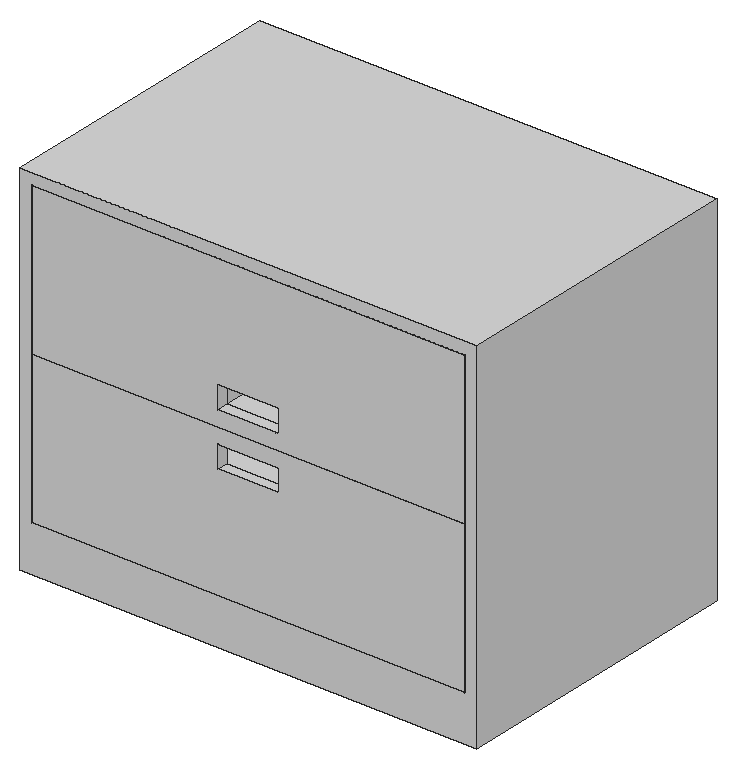
Revit family
Parameters (values of type "760 x 500 x 600mm")
  Keynote = "N"
  Assembly Code = ""
  Depth = 500 mm
  Material = Metal - Steel
  Height = 600 mm
  Width = 760 mm
Reference planes
  plane 1 "Center F/B": y = -934.318
  plane 2: z = 0
  plane 3 "Center L/R": x = -180.023
  plane 4: x = -560.023
  plane 5: x = 199.977
  plane 6: y = -1184.318
  plane 7: y = -684.318
  plane 8: x = 180.927
  plane 9: x = -540.973
  plane 10: y = -703.368
  plane 11: z = 76.2
  plane 12: z = 328.575
  plane 13: z = 600
  plane 14: z = 580.95
Forms (mm)
  Extrusion 1, solid, material "Metal - Steel" <- "Material"
    sketch origin (0, 0, 0) x (1, 0, 0) y (0, 1, 0)
      loop
        line (-560.023, -684.318) -> (-560.023, -1184.318) -> (199.977, -1184.318) -> (199.977, -684.318) -> (-560.023, -684.318)
    from 0 to 600
  Extrusion 2, void
    sketch origin (-466.689, -1184.318, 919.106) x (0, 0, -1) y (1, 0, 0)
      loop
        line (338.156, -74.284) -> (842.906, -74.284) -> (842.906, 647.616) -> (338.156, 647.616) -> (338.156, -74.284)
    from 0 to -480.95
  Extrusion 3, solid, material "Metal - Steel"
    sketch origin (-560.023, -1184.318, 600) x (0, 0, -1) y (1, 0, 0)
      loop
        line (19.05, 19.05) -> (271.425, 19.05) -> (271.425, 740.95) -> (19.05, 740.95) -> (19.05, 19.05)
    from 0 to -19.05
  Extrusion 4, solid, material "Metal - Steel"
    sketch origin (-560.023, -1184.318, 600) x (0, 0, -1) y (1, 0, 0)
      loop
        line (271.425, 19.05) -> (523.8, 19.05) -> (523.8, 740.95) -> (271.425, 740.95) -> (271.425, 19.05)
    from 0 to -19.05
  Extrusion 5, void
    sketch origin (-560.023, -1184.318, 600) x (0, 0, -1) y (1, 0, 0)
      loop
        line (296.825, 329.2) -> (334.925, 329.2) -> (334.925, 430.8) -> (296.825, 430.8) -> (296.825, 329.2)
    from 0 to -19.05
  Extrusion 6, void
    sketch origin (-560.023, -1184.318, 600) x (0, 0, -1) y (1, 0, 0)
      loop
        line (207.925, 329.2) -> (246.025, 329.2) -> (246.025, 430.8) -> (207.925, 430.8) -> (207.925, 329.2)
    from 0 to -19.05
Cuts and joins
  Extrusion 2, Extrusion 5, Extrusion 6 cuts Extrusion 1
  Extrusion 5, Extrusion 6 cuts Extrusion 3
  Extrusion 5, Extrusion 6 cuts Extrusion 4
Lines and regions (mm)
  Masking region 1
    outline origin (0, 0, 0) x (1, 0, 0) y (0, 1, 0)
      loop
        line (-560.023, -684.318) -> (-560.023, -1184.318) -> (199.977, -1184.318) -> (199.977, -684.318) -> (-560.023, -684.318)
  symbolic lines
    curve 1: line (199.977, -684.318, 0) -> (-560.023, -684.318, 0)
    curve 2: line (199.977, -1184.318, 0) -> (199.977, -684.318, 0)
    curve 3: line (-560.023, -1184.318, 0) -> (199.977, -1184.318, 0)
    curve 4: line (-560.023, -684.318, 0) -> (-560.023, -1184.318, 0)
Dimensions and locks
  equal spacing: plane 4, plane 3 "Center L/R", plane 5
  equal spacing: plane 6, plane 1 "Center F/B", plane 7
  "Depth": plane 6 to plane 7
  "Width": plane 4 to plane 5
  locked: plane 10 to plane 7 at 19.05
  "Height": plane 13 to plane 2
  locked: plane 11 to plane 2 at 76.2
  locked: plane 13 to plane 14 at 19.05
  plane 4 to plane 9 = 19.05 mm
  plane 8 to plane 5 = 19.05 mm
  equal spacing: plane 9, plane 3 "Center L/R", plane 8
  equal spacing: plane 14, plane 12, plane 11
  aligned and locked: Extrusion 2 to plane 10
  aligned and locked: plane 13 to Extrusion 1
  aligned and locked: Extrusion 1 to plane 2
  aligned and locked: plane 14 to Extrusion 2
  aligned and locked: Extrusion 2 sketch curve to plane 11
  aligned and locked: plane 14 to cut or joined group of Extrusion 3, Extrusion 5, Extrusion 6
  aligned and locked: curve 1 to cut or joined group of Extrusion 1, Extrusion 2, Extrusion 5, Extrusion 6
  aligned and locked: curve 2 to cut or joined group of Extrusion 1, Extrusion 2, Extrusion 5, Extrusion 6
  aligned and locked: curve 3 to cut or joined group of Extrusion 1, Extrusion 2, Extrusion 5, Extrusion 6
  aligned and locked: curve 4 to cut or joined group of Extrusion 1, Extrusion 2, Extrusion 5, Extrusion 6
  aligned: plane 4 to Masking region 1 sketch curve
  aligned: plane 7 to Masking region 1 sketch curve
  aligned: plane 6 to Masking region 1 sketch curve
  aligned: plane 5 to Masking region 1 sketch curve
Automatic sketch dimensions
  Extrusion 2 sketch curve to plane 8 = 0 mm
  Extrusion 2 sketch curve to plane 14 = 0 mm
  Extrusion 2 sketch curve to plane 9 = 0 mm
  Extrusion 3 sketch curve to plane 9 = 0 mm
  Extrusion 3 sketch curve to plane 8 = 0 mm
  Extrusion 6 sketch curve to plane 3 "Center L/R" = 50.8 mm
  plane 3 "Center L/R" to Extrusion 6 sketch curve = 50.8 mm
  Masking region 1 sketch curve to plane 4 = 0 mm
  Masking region 1 sketch curve to plane 5 = 0 mm
  Masking region 1 sketch curve to plane 6 = 0 mm
  Masking region 1 sketch curve to plane 7 = 0 mm
